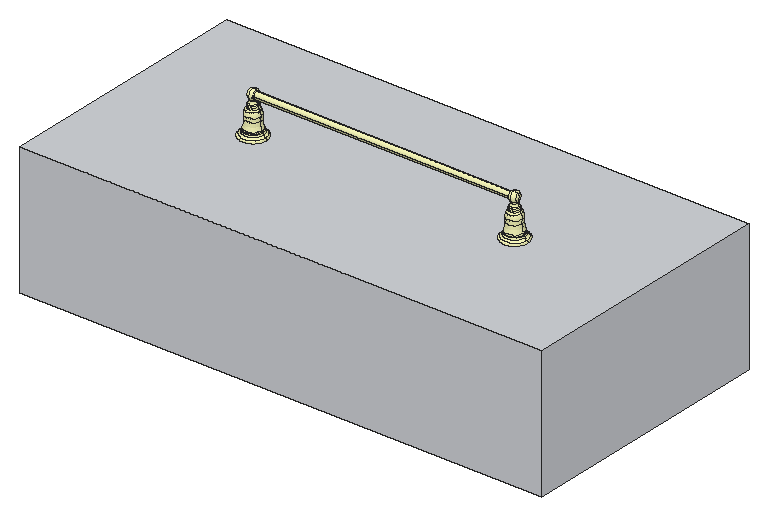
Revit family
Parameters (values of type "Nickel-Vibrant_ Brushed_Nickel-BN")
  Width = 2' - 0"
  URL = "http://www.us.kohler.com"
  Product Page URL = "http://www.us.kohler.com/onlinecatalog/detail.jsp?prod_num=13501"
  Product Documentation Link = "http://www.us.kohler.com/onlinecatalog/pdf/1116341_4.pdf"
  Model = "K-13501"  # constant formula
  Manufacturer = "Kohler"  # constant formula
  Length = 0' - 2.43694"
  Height = 0' - 3 7/8"
  Finish = Nickel-Kohler-BN-Vibrant_Brushed_Nickel
  Description = "Kelston(TM) 24inch towel bar"  # constant formula
  Default Elevation = 0' - 0"
  Created By = "http://medialab3dstudio.com/"
  Assembly Code = "C1030200"
Types (3): name | Finish
  (no name) | Nickel-Kohler-BN-Vibrant_Brushed_Nickel
  Chrome-Polished_Chrome-CP | Chrome-Kohler-CP-Polished_Chrome
  Nickel-Vibrant_ Brushed_Nickel-BN | Nickel-Kohler-BN-Vibrant_Brushed_Nickel
Reference planes (in)
  plane 1 "Center (Front/Back)": y = 0
  plane 2 "Bottom": z = 0
  plane 3 "Center (Left/Right)": x = 0
  plane 4 "Left/center": x = -12
  plane 5 "Right/center": x = 12
  plane 6 "Back": y = 1.21847
  plane 7 "Front": y = -1.21847
  plane 8 "Top": z = 3.875
  plane 9: z = 3.39995
  plane 10: z = 0.1245
  plane 11: z = 0.34815
  plane 12: z = 0.44202
  plane 13: z = 0.51414
  plane 14: z = 0.64088
  plane 15: z = 1.40042
  plane 16: z = 1.77681
  plane 17: z = 2.13881
  plane 18: z = 2.49893
  plane 19: z = 2.57103
  plane 20: z = 2.65446
  plane 21: z = 2.99428
  plane 22: z = 3.09651
  plane 23: z = 3.39995
  plane 24: z = 3.74303
  plane 25: z = 2.35256
  plane 26: z = 3.70205
  plane 27 "left": x = -13.21847
  plane 28 "right": x = 13.21847
  plane 29: z = 0.1245
  plane 30: z = 0.34815
  plane 31: z = 0.44202
  plane 32: z = 0.53205
  plane 33: z = 0.64088
  plane 34: z = 1.40042
  plane 35: z = 2.13881
  plane 36: z = 2.35256
  plane 37: z = 2.57103
  plane 38: z = 2.65446
  plane 39: z = 3.09651
  plane 40: z = 2.9616
  plane 41: z = 1.75492
  plane 42: z = 2.492
  plane 43: y = 0.30282
  plane 44: y = -0.30282
  plane 45: z = 2.65446
  plane 46: z = 2.57103
  plane 47: z = 2.35256
  plane 48: z = 2.13881
  plane 49: z = 1.40042
  plane 50: z = 0.64088
  plane 51: z = 0.44202
  plane 52: z = 0.34815
  plane 53: z = 0.1245
Forms (in)
  Extrusion 1, solid
    sketch origin (0, 0, 0) x (1, 0, 0) y (0, 1, 0)
      loop
        line (-24, 12) -> (-24, -11.71124) -> (23.84302, -11.71124) -> (23.84302, 12) -> (-24, 12)
    from 0 to -12
  Extrusion 2, solid, material "Nickel-Kohler-BN-Vibrant_Brushed_Nickel" <- "Finish"
    sketch origin (0, 0, 0) x (0, 1, 0) y (0, 0, 1)
      loop
        arc (0.30282, 3.39995) -> (0.21412, 3.61407) -> (0, 3.70276) r 0.30282
        arc (0, 3.70276) -> (-0.21412, 3.61407) -> (-0.30282, 3.39995) r 0.30282
        arc (-0.30282, 3.39995) -> (-0.21412, 3.18582) -> (0, 3.09713) r 0.30282
        arc (0, 3.09713) -> (0.21412, 3.18582) -> (0.30282, 3.39995) r 0.30282
    from -12 to 12
Lines and regions (in)
  Masking region 1, detail levels medium+fine
    outline origin (0, 0, 0) x (1, 0, 0) y (0, 0, 1)
      loop
        line (-12, 0) -> (-10.78153, 0)
        arc (-10.78153, 0) -> (-10.816, 0.08423) -> (-10.89762, 0.1245) r 0.12849
        arc (-10.89762, 0.1245) -> (-11.01949, 0.21725) -> (-11.099, 0.34815) r 0.41145
        arc (-11.099, 0.34815) -> (-11.11957, 0.40492) -> (-11.1672, 0.44202) r 0.10897
        arc (-11.1672, 0.44202) -> (-11.19037, 0.47491) -> (-11.19931, 0.51414) r 0.10388
        line (-11.19931, 0.51414) -> (-11.1969, 0.64088)
        arc (-11.1969, 0.64088) -> (-11.2942, 1.01469) -> (-11.31464, 1.40042) r 1.91846
        line (-11.31464, 1.40042) -> (-11.30807, 1.77681)
        arc (-11.30807, 1.77681) -> (-11.32958, 1.96385) -> (-11.39913, 2.13881) r 0.71555
        line (-11.39913, 2.13881) -> (-11.51878, 2.35256)
        arc (-11.51878, 2.35256) -> (-11.53136, 2.42522) -> (-11.52902, 2.49893) r 0.36348
        arc (-11.52902, 2.49893) -> (-11.53442, 2.53916) -> (-11.55956, 2.57103) r 0.0769
        line (-11.55956, 2.57103) -> (-11.64057, 2.65446)
        arc (-11.64057, 2.65446) -> (-11.7213, 2.81585) -> (-11.69439, 2.99428) r 0.29878
        arc (-11.69439, 2.99428) -> (-11.70839, 3.0584) -> (-11.76182, 3.09651) r 0.09118
        line (-11.76182, 3.09651) -> (0, 3.09651) -> (11.76182, 3.09651)
        arc (11.76182, 3.09651) -> (11.70839, 3.0584) -> (11.69439, 2.99428) r 0.09118
        arc (11.69439, 2.99428) -> (11.7213, 2.81585) -> (11.64057, 2.65446) r 0.29878
        line (11.64057, 2.65446) -> (11.55956, 2.57103)
        arc (11.55956, 2.57103) -> (11.53442, 2.53916) -> (11.52902, 2.49893) r 0.0769
        arc (11.52902, 2.49893) -> (11.53136, 2.42522) -> (11.51878, 2.35256) r 0.36348
        line (11.51878, 2.35256) -> (11.39913, 2.13881)
        arc (11.39913, 2.13881) -> (11.32958, 1.96385) -> (11.30807, 1.77681) r 0.71555
        line (11.30807, 1.77681) -> (11.31464, 1.40042)
        arc (11.31464, 1.40042) -> (11.2942, 1.01469) -> (11.1969, 0.64088) r 1.91846
        line (11.1969, 0.64088) -> (11.19931, 0.51414)
        arc (11.19931, 0.51414) -> (11.19037, 0.47491) -> (11.1672, 0.44202) r 0.10388
        arc (11.1672, 0.44202) -> (11.11957, 0.40492) -> (11.099, 0.34815) r 0.10897
        arc (11.099, 0.34815) -> (11.01949, 0.21725) -> (10.89762, 0.1245) r 0.41145
        arc (10.89762, 0.1245) -> (10.816, 0.08423) -> (10.78153, 0) r 0.12849
        line (10.78153, 0) -> (12, 0) -> (13.21847, 0)
        arc (13.21847, 0) -> (13.184, 0.08423) -> (13.10238, 0.1245) r 0.12849
        arc (13.10238, 0.1245) -> (12.98051, 0.21725) -> (12.901, 0.34815) r 0.41145
        arc (12.901, 0.34815) -> (12.88043, 0.40492) -> (12.8328, 0.44202) r 0.10897
        arc (12.8328, 0.44202) -> (12.80963, 0.47491) -> (12.80069, 0.51414) r 0.10388
        line (12.80069, 0.51414) -> (12.8031, 0.64088)
        arc (12.8031, 0.64088) -> (12.7058, 1.01469) -> (12.68536, 1.40042) r 1.91846
        line (12.68536, 1.40042) -> (12.69193, 1.77681)
        arc (12.69193, 1.77681) -> (12.67042, 1.96385) -> (12.60087, 2.13881) r 0.71555
        line (12.60087, 2.13881) -> (12.48122, 2.35256)
        arc (12.48122, 2.35256) -> (12.46864, 2.42522) -> (12.47098, 2.49893) r 0.36348
        arc (12.47098, 2.49893) -> (12.46558, 2.53916) -> (12.44044, 2.57103) r 0.0769
        line (12.44044, 2.57103) -> (12.35943, 2.65446)
        arc (12.35943, 2.65446) -> (12.2787, 2.81585) -> (12.30561, 2.99428) r 0.29878
        arc (12.30561, 2.99428) -> (12.29161, 3.0584) -> (12.23818, 3.09651) r 0.09118
        line (12.23818, 3.09651) -> (12.29655, 3.09651)
        arc (12.29655, 3.09651) -> (12.37056, 3.23978) -> (12.38932, 3.39995) r 0.45013
        arc (12.38932, 3.39995) -> (12.29313, 3.71817) -> (12, 3.875) r 0.43404
        arc (12, 3.875) -> (11.86162, 3.82986) -> (11.74479, 3.74303) r 0.45144
        line (11.74479, 3.74303) -> (11.74479, 3.70205) -> (0, 3.70205) -> (-11.74479, 3.70205) -> (-11.74479, 3.74303)
        arc (-11.74479, 3.74303) -> (-11.86005, 3.83289) -> (-12, 3.875) r 0.39737
        arc (-12, 3.875) -> (-12.28827, 3.71419) -> (-12.38932, 3.39995) r 0.45014
        arc (-12.38932, 3.39995) -> (-12.37056, 3.23978) -> (-12.29655, 3.09651) r 0.45013
        line (-12.29655, 3.09651) -> (-12.23818, 3.09651)
        arc (-12.23818, 3.09651) -> (-12.29161, 3.0584) -> (-12.30561, 2.99428) r 0.09118
        arc (-12.30561, 2.99428) -> (-12.2787, 2.81585) -> (-12.35943, 2.65446) r 0.29878
        line (-12.35943, 2.65446) -> (-12.44044, 2.57103)
        arc (-12.44044, 2.57103) -> (-12.46558, 2.53916) -> (-12.47098, 2.49893) r 0.0769
        arc (-12.47098, 2.49893) -> (-12.46864, 2.42522) -> (-12.48122, 2.35256) r 0.36348
        line (-12.48122, 2.35256) -> (-12.60087, 2.13881)
        arc (-12.60087, 2.13881) -> (-12.67042, 1.96385) -> (-12.69193, 1.77681) r 0.71555
        line (-12.69193, 1.77681) -> (-12.68536, 1.40042)
        arc (-12.68536, 1.40042) -> (-12.7058, 1.01469) -> (-12.8031, 0.64088) r 1.91846
        line (-12.8031, 0.64088) -> (-12.80069, 0.51414)
        arc (-12.80069, 0.51414) -> (-12.80963, 0.47491) -> (-12.8328, 0.44202) r 0.10388
        arc (-12.8328, 0.44202) -> (-12.88043, 0.40492) -> (-12.901, 0.34815) r 0.10897
        arc (-12.901, 0.34815) -> (-12.98051, 0.21725) -> (-13.10238, 0.1245) r 0.41145
        arc (-13.10238, 0.1245) -> (-13.184, 0.08423) -> (-13.21847, 0) r 0.12849
        line (-13.21847, 0) -> (-12, 0)
  Masking region 2, detail levels coarse
    outline origin (0, 0, 0) x (1, 0, 0) y (0, 0, 1)
      loop
        line (-13.21847, 3.875) -> (-13.21847, 0) -> (13.21847, 0) -> (13.21847, 3.875) -> (-13.21847, 3.875)
  Masking region 3, detail levels coarse
    outline origin (0, 0, 0) x (1, 0, 0) y (0, 1, 0)
      loop
        line (-13.21847, 1.21847) -> (-13.21847, -1.21847) -> (13.21847, -1.21847) -> (13.21847, 1.21847) -> (-13.21847, 1.21847)
  Masking region 4, detail levels coarse
    outline origin (0, 0, 0) x (0, 1, 0) y (0, 0, 1)
      loop
        line (1.21847, 3.85963) -> (-1.21847, 3.85963) -> (-1.21847, 0) -> (1.21847, 0) -> (1.21847, 3.85963)
  Masking region 5, detail levels medium+fine
    outline origin (0, 0, 0) x (0, 1, 0) y (0, 0, 1)
      loop
        arc (1.21847, 0) -> (1.18604, 0.08614) -> (1.10238, 0.1245) r 0.12092
        arc (1.10238, 0.1245) -> (0.98535, 0.22161) -> (0.901, 0.34815) r 0.5259
        arc (0.901, 0.34815) -> (0.88093, 0.40528) -> (0.8328, 0.44202) r 0.10572
        arc (0.8328, 0.44202) -> (0.80561, 0.4831) -> (0.80003, 0.53205) r 0.10557
        line (0.80003, 0.53205) -> (0.80003, 0.64088)
        arc (0.80003, 0.64088) -> (0.70881, 1.01553) -> (0.68536, 1.40042) r 2.16923
        line (0.68536, 1.40042) -> (0.68536, 1.75492)
        arc (0.68536, 1.75492) -> (0.66399, 1.95146) -> (0.60087, 2.13881) r 0.91439
        line (0.60087, 2.13881) -> (0.4798, 2.35256)
        arc (0.4798, 2.35256) -> (0.46867, 2.42184) -> (0.47005, 2.492) r 0.39258
        arc (0.47005, 2.492) -> (0.46446, 2.53519) -> (0.43972, 2.57103) r 0.09243
        line (0.43972, 2.57103) -> (0.35914, 2.65446)
        arc (0.35914, 2.65446) -> (0.28246, 2.79867) -> (0.29386, 2.9616) r 0.29627
        arc (0.29386, 2.9616) -> (0.30151, 3.0437) -> (0.23818, 3.09651) r 0.08854
        line (0.23818, 3.09651) -> (0.34531, 3.09651)
        arc (0.34531, 3.09651) -> (0.41881, 3.58945) -> (0, 3.85963) r 0.45969
        arc (0, 3.85963) -> (-0.41881, 3.58945) -> (-0.34531, 3.09651) r 0.45969
        line (-0.34531, 3.09651) -> (-0.23818, 3.09651)
        arc (-0.23818, 3.09651) -> (-0.30151, 3.0437) -> (-0.29386, 2.9616) r 0.08854
        arc (-0.29386, 2.9616) -> (-0.28246, 2.79867) -> (-0.35914, 2.65446) r 0.29627
        line (-0.35914, 2.65446) -> (-0.43972, 2.57103)
        arc (-0.43972, 2.57103) -> (-0.46446, 2.53519) -> (-0.47005, 2.492) r 0.09243
        arc (-0.47005, 2.492) -> (-0.46867, 2.42184) -> (-0.4798, 2.35256) r 0.39258
        line (-0.4798, 2.35256) -> (-0.60087, 2.13881)
        arc (-0.60087, 2.13881) -> (-0.66399, 1.95146) -> (-0.68536, 1.75492) r 0.91439
        line (-0.68536, 1.75492) -> (-0.68536, 1.40042)
        arc (-0.68536, 1.40042) -> (-0.70881, 1.01553) -> (-0.80003, 0.64088) r 2.16923
        line (-0.80003, 0.64088) -> (-0.80003, 0.53205)
        arc (-0.80003, 0.53205) -> (-0.80561, 0.4831) -> (-0.8328, 0.44202) r 0.10557
        arc (-0.8328, 0.44202) -> (-0.88093, 0.40528) -> (-0.901, 0.34815) r 0.10572
        arc (-0.901, 0.34815) -> (-0.98535, 0.22161) -> (-1.10238, 0.1245) r 0.5259
        arc (-1.10238, 0.1245) -> (-1.18604, 0.08614) -> (-1.21847, 0) r 0.12092
        line (-1.21847, 0) -> (1.21847, 0)
  Masking region 6, detail levels medium+fine
    outline origin (0, 0, 0) x (1, 0, 0) y (0, 1, 0)
      loop
        arc (-13.21847, 0) -> (-12.15261, -1.20888) -> (-10.81976, -0.30282) r 1.21847
        line (-10.81976, -0.30282) -> (10.81976, -0.30282)
        arc (10.81976, -0.30282) -> (12.15261, -1.20888) -> (13.21847, 0) r 1.21847
        arc (13.21847, 0) -> (12.15261, 1.20888) -> (10.81976, 0.30282) r 1.21847
        line (10.81976, 0.30282) -> (-10.81976, 0.30282)
        arc (-10.81976, 0.30282) -> (-12.15261, 1.20888) -> (-13.21847, 0) r 1.21847
  symbolic lines, detail levels fine
    curve 1: arc (-13.10238, 0, 0) -> (-12.15289, 1.09172, 0) -> (-10.94003, 0.30282, 0) r 1.10238
    curve 2: arc (-10.94003, -0.30282, 0) -> (-12.15289, -1.09172, 0) -> (-13.10238, 0, 0) r 1.10238
    curve 3: arc (-11.22421, -0.30282, 0) -> (-12.15407, -0.81842, 0) -> (-12.8328, 0, 0) r 0.8328
    curve 4: arc (-12.8328, 0, 0) -> (-12.15407, 0.81842, 0) -> (-11.22421, 0.30282, 0) r 0.8328
    curve 5: arc (-12.68536, 0, 0) -> (-12.15546, 0.6675, 0) -> (-11.38516, 0.30282, 0) r 0.68536
    curve 6: arc (-11.38516, -0.30282, 0) -> (-12.15546, -0.6675, 0) -> (-12.68536, 0, 0) r 0.68536
    curve 7: arc (-11.62783, -0.30282, 0) -> (-12.16069, -0.4521, 0) -> (-12.4798, 0, 0) r 0.4798
    curve 8: arc (-12.4798, 0, 0) -> (-12.16069, 0.4521, 0) -> (-11.62782, 0.30282, 0) r 0.4798
    curve 9: arc (13.10238, 0, 0) -> (12.15289, -1.09172, 0) -> (10.94003, -0.30282, 0) r 1.10238
    curve 10: arc (10.94003, 0.30282, 0) -> (12.15289, 1.09172, 0) -> (13.10238, 0, 0) r 1.10238
    curve 11: arc (11.22421, 0.30282, 0) -> (12.15407, 0.81842, 0) -> (12.8328, 0, 0) r 0.8328
    curve 12: arc (12.8328, 0, 0) -> (12.15407, -0.81842, 0) -> (11.22421, -0.30282, 0) r 0.8328
    curve 13: arc (12.68536, 0, 0) -> (12.15546, -0.6675, 0) -> (11.38516, -0.30282, 0) r 0.68536
    curve 14: arc (11.38516, 0.30282, 0) -> (12.15546, 0.6675, 0) -> (12.68536, 0, 0) r 0.68536
    curve 15: arc (11.62782, 0.30282, 0) -> (12.16069, 0.4521, 0) -> (12.4798, 0, 0) r 0.4798
    curve 16: arc (12.4798, 0, 0) -> (12.16069, -0.4521, 0) -> (11.62783, -0.30282, 0) r 0.4798
    curve 17: line (0, 0.23818, 3.09651) -> (0, -0.23818, 3.09651)
    curve 18: line (-11.73642, 0, 3.09651) -> (-11.73642, 0, 3.74303)
    curve 19: line (-12.2966, 0, 3.09651) -> (-11.73642, 0, 3.09651)
    curve 20: line (11.73642, 0, 3.09651) -> (11.73642, 0, 3.74303)
    curve 21: line (12.2966, 0, 3.09651) -> (11.73642, 0, 3.09651)
    curve 22: line (-10.81976, 0.30282, 0) -> (-11.80636, 0.30282, 0)
    curve 23: line (-10.81976, -0.30282, 0) -> (-11.80637, -0.30282, 0)
    curve 24: arc (-12.35943, 0, 0) -> (-12, 0.35943, 0) -> (-11.64057, 0, 0) r 0.35943
    curve 25: arc (-11.64057, 0, 0) -> (-12, -0.35943, 0) -> (-12.35943, 0, 0) r 0.35943
    curve 26: line (10.81976, 0.30282, 0) -> (11.80636, 0.30282, 0)
    curve 27: line (10.94003, -0.30282, 0) -> (11.80637, -0.30282, 0)
    curve 28: arc (11.64057, 0, 0) -> (12, 0.35943, 0) -> (12.35943, 0, 0) r 0.35943
    curve 29: arc (12.35943, 0, 0) -> (12, -0.35943, 0) -> (11.64057, 0, 0) r 0.35943
    curve 30: line (-12.35943, 0, 2.65446) -> (-11.64057, 0, 2.65446)
    curve 31: line (-12.44044, 0, 2.57103) -> (-11.55956, 0, 2.57103)
    curve 32: line (-12.4798, 0, 2.35256) -> (-11.5202, 0, 2.35256)
    curve 33: line (-12.60087, 0, 2.13881) -> (-11.39913, 0, 2.13881)
    curve 34: line (-12.68536, 0, 1.40042) -> (-11.31464, 0, 1.40042)
    curve 35: line (-12.8031, 0, 0.64088) -> (-11.1969, 0, 0.64088)
    curve 36: line (-12.8328, 0, 0.44202) -> (-11.1672, 0, 0.44202)
    curve 37: line (-12.901, 0, 0.34815) -> (-11.099, 0, 0.34815)
    curve 38: line (-13.10238, 0, 0.1245) -> (-10.89762, 0, 0.1245)
    curve 39: line (0, 1.10238, 0.1245) -> (0, -1.10238, 0.1245)
    curve 40: line (0, 0.901, 0.34815) -> (0, -0.901, 0.34815)
    curve 41: line (0, 0.8328, 0.44202) -> (0, -0.8328, 0.44202)
    curve 42: line (0, 0.8031, 0.64088) -> (0, -0.8031, 0.64088)
    curve 43: line (0, 0.68536, 1.40042) -> (0, -0.68536, 1.40042)
    curve 44: line (0, 0.60087, 2.13881) -> (0, -0.60087, 2.13881)
    curve 45: line (0, 0.4798, 2.35256) -> (0, -0.4798, 2.35256)
    curve 46: line (0, 0.43972, 2.57103) -> (0, -0.43972, 2.57103)
    curve 47: line (0, 0.35914, 2.65446) -> (0, -0.35914, 2.65446)
    curve 48: line (13.10238, 0, 0.1245) -> (10.89762, 0, 0.1245)
    curve 49: line (12.901, 0, 0.34815) -> (11.099, 0, 0.34815)
    curve 50: line (12.8328, 0, 0.44202) -> (11.1672, 0, 0.44202)
    curve 51: line (12.8031, 0, 0.64088) -> (11.1969, 0, 0.64088)
    curve 52: line (12.68536, 0, 1.40042) -> (11.31464, 0, 1.40042)
    curve 53: line (12.60087, 0, 2.13881) -> (11.39913, 0, 2.13881)
    curve 54: line (12.4798, 0, 2.35256) -> (11.5202, 0, 2.35256)
    curve 55: line (12.44044, 0, 2.57103) -> (11.55956, 0, 2.57103)
    curve 56: line (12.35943, 0, 2.65446) -> (11.64057, 0, 2.65446)
Dimensions and locks (in)
  equal spacing: plane 4 "Left/center", plane 3 "Center (Left/Right)", plane 5 "Right/center"
  "Width": plane 4 "Left/center" to plane 5 "Right/center"
  equal spacing: plane 6 "Back", plane 1 "Center (Front/Back)", plane 7 "Front"
  "Length": plane 6 "Back" to plane 7 "Front"
  "Height": plane 8 "Top" to plane 2 "Bottom"
  locked: plane 4 "Left/center" to plane 27 "left" at 1.21847
  locked: plane 28 "right" to plane 5 "Right/center" at 1.21847
  plane 44 to plane 1 "Center (Front/Back)" to plane 43 = 0' - 0.30282" locked, 0' - 0.30282" locked
  aligned and locked: plane 2 "Bottom" to Extrusion 1
  aligned and locked: level to Extrusion 1
  aligned and locked: plane 5 "Right/center" to nested 1
  aligned and locked: plane 1 "Center (Front/Back)" to nested 1
  aligned and locked: plane 4 "Left/center" to nested 2
  aligned and locked: nested 2 to plane 1 "Center (Front/Back)"
  aligned: plane 8 "Top" to nested 2
  aligned: nested 1 to plane 8 "Top"
  aligned and locked: nested 2 to plane 2 "Bottom"
  aligned and locked: plane 2 "Bottom" to nested 1
  aligned and locked: nested 1 to plane 9
  aligned and locked: plane 1 "Center (Front/Back)" to Extrusion 2 sketch curve
  aligned and locked: nested 1 to Extrusion 2 sketch curve  (x3)
  aligned and locked: plane 5 "Right/center" to Extrusion 2
  aligned and locked: Extrusion 2 to plane 4 "Left/center"
  aligned and locked: plane 6 "Back" to nested 2
  aligned and locked: plane 7 "Front" to nested 2
  aligned and locked: nested 1 to plane 7 "Front"
  aligned and locked: nested 1 to plane 6 "Back"
  aligned and locked: Masking region 1 sketch curve to nested 1
  aligned and locked: plane 10 to Masking region 1 sketch curve
  aligned and locked: plane 11 to Masking region 1 sketch curve
  aligned and locked: plane 12 to Masking region 1 sketch curve
  aligned and locked: plane 13 to Masking region 1 sketch curve
  aligned and locked: plane 14 to Masking region 1 sketch curve
  aligned and locked: plane 15 to Masking region 1 sketch curve
  aligned and locked: plane 16 to Masking region 1 sketch curve  (x2)
  aligned and locked: plane 17 to Masking region 1 sketch curve  (x2)
  aligned and locked: plane 25 to Masking region 1 sketch curve  (x2)
  aligned and locked: plane 18 to Masking region 1 sketch curve  (x2)
  aligned and locked: plane 19 to Masking region 1 sketch curve  (x2)
  aligned and locked: plane 20 to Masking region 1 sketch curve  (x2)
  aligned and locked: plane 21 to Masking region 1 sketch curve  (x2)
  aligned and locked: nested 2 to Masking region 1 sketch curve  (x4)
  aligned and locked: plane 8 "Top" to Masking region 1 sketch curve
  aligned and locked: plane 24 to Masking region 1 sketch curve
  aligned and locked: Masking region 1 sketch curve to plane 26
  aligned and locked: plane 28 "right" to nested 1
  aligned and locked: nested 2 to plane 27 "left"
  aligned and locked: Masking region 2 sketch curve to plane 8 "Top"
  aligned and locked: Masking region 2 sketch curve to plane 28 "right"
  aligned and locked: plane 2 "Bottom" to Masking region 2 sketch curve
  aligned and locked: plane 27 "left" to Masking region 2 sketch curve
  aligned and locked: Masking region 3 sketch curve to plane 6 "Back"
  aligned and locked: Masking region 3 sketch curve to plane 28 "right"
  aligned and locked: plane 7 "Front" to Masking region 3 sketch curve
  aligned and locked: plane 27 "left" to Masking region 3 sketch curve
  aligned and locked: curve 1 to nested 2
  aligned and locked: curve 2 to nested 2
  aligned and locked: curve 3 to nested 2
  aligned and locked: curve 4 to nested 2
  aligned and locked: curve 5 to nested 2
  aligned and locked: curve 6 to nested 2
  aligned and locked: curve 7 to nested 2
  aligned and locked: curve 8 to nested 2
  aligned and locked: curve 9 to nested 1
  aligned and locked: curve 10 to nested 1
  aligned and locked: curve 11 to nested 1
  aligned and locked: curve 12 to nested 1
  aligned and locked: curve 13 to nested 1
  aligned and locked: curve 14 to nested 1
  aligned and locked: curve 15 to nested 1
  aligned and locked: curve 16 to nested 1
  aligned and locked: Masking region 4 sketch curve to nested 2
  aligned and locked: nested 2 to Masking region 4 sketch curve
  aligned and locked: Masking region 4 sketch curve to plane 6 "Back"
  aligned and locked: plane 2 "Bottom" to Masking region 4 sketch curve
  aligned and locked: plane 29 to nested 1
  aligned and locked: plane 30 to nested 1
  aligned and locked: plane 31 to nested 1
  aligned and locked: plane 33 to nested 1
  aligned and locked: plane 34 to nested 1
  aligned and locked: plane 35 to nested 1
  aligned and locked: plane 36 to nested 1
  aligned and locked: plane 37 to nested 1
  aligned and locked: plane 38 to nested 1
  aligned and locked: plane 39 to nested 1
  aligned and locked: Masking region 5 sketch curve to nested 2  (x3)
  aligned and locked: Masking region 5 sketch curve to nested 1
  aligned and locked: plane 29 to Masking region 5 sketch curve  (x2)
  aligned and locked: plane 30 to Masking region 5 sketch curve  (x2)
  aligned and locked: plane 31 to Masking region 5 sketch curve  (x2)
  aligned and locked: plane 32 to Masking region 5 sketch curve  (x2)
  aligned and locked: plane 33 to Masking region 5 sketch curve  (x2)
  aligned and locked: plane 34 to Masking region 5 sketch curve  (x2)
  aligned and locked: plane 41 to Masking region 5 sketch curve  (x2)
  aligned and locked: plane 35 to Masking region 5 sketch curve  (x2)
  aligned and locked: plane 36 to Masking region 5 sketch curve  (x2)
  aligned and locked: plane 37 to Masking region 5 sketch curve  (x2)
  aligned and locked: plane 42 to Masking region 5 sketch curve  (x2)
  aligned and locked: plane 38 to Masking region 5 sketch curve  (x2)
  aligned and locked: plane 40 to Masking region 5 sketch curve  (x2)
  aligned and locked: nested 2 to Masking region 5 sketch curve
  aligned and locked: Masking region 5 sketch curve to plane 39
  aligned and locked: nested 2 to curve 17
  aligned and locked: curve 18 to nested 2
  aligned and locked: curve 19 to nested 2
  aligned and locked: curve 20 to nested 1
  aligned and locked: curve 21 to nested 1
  aligned and locked: Masking region 6 sketch curve to nested 2  (x2)
  aligned and locked: Masking region 6 sketch curve to nested 1  (x2)
  aligned and locked: plane 43 to Masking region 6 sketch curve
  aligned and locked: plane 44 to Masking region 6 sketch curve
  aligned and locked: Masking region 6 to curve 22
  aligned and locked: curve 24 to nested 2
  aligned and locked: curve 25 to nested 2
  aligned and locked: curve 28 to nested 1
  aligned and locked: curve 29 to nested 1
  aligned and locked: Masking region 6 to curve 26
  aligned and locked: nested 2 to plane 45
  aligned and locked: nested 2 to plane 46
  aligned and locked: nested 2 to plane 47
  aligned and locked: nested 2 to plane 48
  aligned and locked: nested 2 to plane 49
  aligned and locked: nested 2 to plane 50
  aligned and locked: nested 2 to plane 51
  aligned and locked: nested 2 to plane 52
  aligned and locked: nested 2 to plane 53
  aligned and locked: plane 45 to curve 30
  aligned and locked: plane 46 to curve 31
  aligned and locked: plane 47 to curve 32
  aligned and locked: plane 48 to curve 33
  aligned and locked: plane 49 to curve 34
  aligned and locked: plane 50 to curve 35
  aligned and locked: plane 51 to curve 36
  aligned and locked: plane 52 to curve 37
  aligned and locked: plane 53 to curve 38
  aligned and locked: curve 49 to nested 1
  aligned and locked: curve 50 to nested 1
  aligned and locked: curve 51 to nested 1
  aligned and locked: curve 52 to nested 1
  aligned and locked: curve 53 to nested 1
  aligned and locked: curve 54 to nested 1
  aligned and locked: curve 55 to nested 1
  aligned and locked: curve 56 to nested 1
  aligned and locked: curve 23 to Masking region 6
  aligned and locked: Masking region 6 to curve 27
Automatic sketch dimensions
  Extrusion 1 sketch curve to Extrusion 1 sketch curve = 3' - 11.84302"
  Extrusion 1 sketch curve to Extrusion 1 sketch curve = 1' - 11.71124"
  Extrusion 2 sketch curve to Extrusion 2 sketch curve = 0' - 0.30282"
  Masking region 1 sketch curve to level = 0' - 0"  (x2)
  Masking region 1 sketch curve to plane 18 = 0' - 0"  (x6)
  Masking region 1 sketch curve to plane 4 "Left/center" = 0' - 0"
  Masking region 1 sketch curve to plane 15 = 0' - 0"  (x3)
  Masking region 1 sketch curve to plane 13 = 0' - 0"  (x3)
  Masking region 1 sketch curve to plane 14 = 0' - 0"  (x3)
  Masking region 1 sketch curve to plane 12 = 0' - 0"  (x3)
  Masking region 1 sketch curve to plane 11 = 0' - 0"  (x3)
  Masking region 1 sketch curve to plane 10 = 0' - 0"  (x3)
  Masking region 1 sketch curve to plane 3 "Center (Left/Right)" = 0' - 0"  (x2)
  Masking region 1 sketch curve to plane 16 = 0' - 0"  (x2)
  Masking region 1 sketch curve to plane 17 = 0' - 0"  (x2)
  Masking region 1 sketch curve to plane 25 = 0' - 0"  (x2)
  Masking region 1 sketch curve to plane 19 = 0' - 0"  (x2)
  Masking region 1 sketch curve to plane 20 = 0' - 0"  (x2)
  Masking region 1 sketch curve to plane 21 = 0' - 0"  (x2)
  Masking region 1 sketch curve to plane 24 = 0' - 0"
  Masking region 1 sketch curve to plane 5 "Right/center" = 0' - 0"  (x2)
  Masking region 1 sketch curve to plane 22 = 0' - 0"
  Masking region 1 sketch curve to plane 23 = 0' - 0"
  Masking region 1 sketch curve to plane 8 "Top" = 0' - 0"
  Masking region 1 sketch curve to plane 4 "Left/center" = 0' - 0.02351"
  Masking region 1 sketch curve to plane 4 "Left/center" = 0' - 0.04258"
  plane 21 to Masking region 1 sketch curve = 0' - 0.01391"  (x4)
  Masking region 1 sketch curve to plane 4 "Left/center" = 0' - 0.2155"
  Masking region 1 sketch curve to Masking region 1 sketch curve = 0' - 0.02268"  (x3)
  Masking region 1 sketch curve to Masking region 1 sketch curve = 0' - 0.05837"  (x2)
  Masking region 1 sketch curve to Masking region 1 sketch curve = 0' - 0.05382"  (x3)
  Masking region 1 sketch curve to Masking region 1 sketch curve = 0' - 0.09277"  (x2)
  Masking region 1 sketch curve to Masking region 1 sketch curve = 0' - 0.03533"  (x3)
  Masking region 1 sketch curve to Masking region 1 sketch curve = 0' - 0.04568"  (x3)
  Masking region 1 sketch curve to Masking region 1 sketch curve = 0' - 0.07622"  (x3)
  Masking region 1 sketch curve to Masking region 1 sketch curve = 0' - 0.01023"  (x3)
  Masking region 1 sketch curve to plane 21 = 0' - 0.13169"  (x3)
  Masking region 1 sketch curve to Masking region 1 sketch curve = 0' - 0.11965"  (x4)
  Masking region 1 sketch curve to plane 4 "Left/center" = 0' - 0.68536"
  Masking region 1 sketch curve to Masking region 1 sketch curve = 0' - 0.09106"  (x4)
  Masking region 1 sketch curve to plane 11 = 0' - 0.00728"  (x4)
  Masking region 1 sketch curve to plane 4 "Left/center" = 0' - 0.79227"
  Masking region 1 sketch curve to Masking region 1 sketch curve = 0' - 0.00842"  (x3)
  Masking region 1 sketch curve to Masking region 1 sketch curve = 0' - 0.00241"  (x4)
  Masking region 1 sketch curve to Masking region 1 sketch curve = 0' - 0.03211"  (x3)
  plane 13 to Masking region 1 sketch curve = 0' - 0.00302"  (x4)
  Masking region 1 sketch curve to level = 0' - 0.0034"  (x4)
  Masking region 1 sketch curve to Masking region 1 sketch curve = 0' - 0.18902"  (x3)
  Masking region 1 sketch curve to Masking region 1 sketch curve = 0' - 0.01236"  (x3)
  Masking region 1 sketch curve to plane 13 = 0' - 0.02158"  (x4)
  Masking region 1 sketch curve to plane 15 = 0' - 0.09185"  (x4)
  plane 16 to Masking region 1 sketch curve = 0' - 0.01249"  (x2)
  plane 23 to Masking region 1 sketch curve = 0' - 0.02892"  (x2)
  Masking region 1 sketch curve to plane 23 = 0' - 0.02856"
  plane 4 "Left/center" to Masking region 1 sketch curve = 0' - 0.2155"
  plane 4 "Left/center" to Masking region 1 sketch curve = 0' - 0.25521"
  plane 4 "Left/center" to Masking region 1 sketch curve = 0' - 0.68536"
  plane 4 "Left/center" to Masking region 1 sketch curve = 0' - 0.79227"
  Masking region 1 sketch curve to plane 5 "Right/center" = 0' - 2.60162"
  Masking region 1 sketch curve to plane 5 "Right/center" = 0' - 1.28627"
  Masking region 1 sketch curve to Masking region 1 sketch curve = 0' - 0.0678"
  Masking region 1 sketch curve to Masking region 1 sketch curve = 0' - 0.11609"
  Masking region 1 sketch curve to Masking region 1 sketch curve = 0' - 0.00352"
  Masking region 1 sketch curve to Masking region 1 sketch curve = 0' - 0.07173"
  Masking region 1 sketch curve to plane 18 = 0' - 0.04835"
  Masking region 1 sketch curve to plane 5 "Right/center" = 0' - 0.83124"
  Masking region 1 sketch curve to Masking region 1 sketch curve = 0' - 0.00657"
  Masking region 1 sketch curve to Masking region 1 sketch curve = 0' - 0.25744"
  Masking region 1 sketch curve to Masking region 1 sketch curve = 0' - 0.03054"
  Masking region 1 sketch curve to Masking region 1 sketch curve = 0' - 0.08101"
  Masking region 1 sketch curve to Masking region 1 sketch curve = 0' - 0.26819"
  Masking region 1 sketch curve to plane 5 "Right/center" = 0' - 0.25521"
  Masking region 1 sketch curve to Masking region 1 sketch curve = 0' - 0.06743"
  Masking region 1 sketch curve to plane 5 "Right/center" = 0' - 0.0599"
  Masking region 1 sketch curve to plane 5 "Right/center" = 0' - 0.04258"
  Masking region 1 sketch curve to plane 5 "Right/center" = 0' - 0.02351"
  plane 5 "Right/center" to Masking region 1 sketch curve = 0' - 0.2155"
  plane 5 "Right/center" to Masking region 1 sketch curve = 0' - 0.68536"
  plane 5 "Right/center" to Masking region 1 sketch curve = 0' - 0.79227"
  Masking region 5 sketch curve to plane 7 "Front" = 0' - 0"
  plane 42 to Masking region 5 sketch curve = 0' - 0"  (x2)
  Masking region 5 sketch curve to plane 6 "Back" = 0' - 0"
  Masking region 5 sketch curve to plane 7 "Front" = 0' - 0.1577"
  plane 34 to Masking region 5 sketch curve = 0' - 0.06106"  (x2)
  Masking region 5 sketch curve to plane 7 "Front" = 0' - 1.63527"
  plane 7 "Front" to Masking region 5 sketch curve = 0' - 0.11609"
  level to Masking region 5 sketch curve = 0' - 0.00367"  (x2)
  plane 32 to Masking region 5 sketch curve = 0' - 0.01284"  (x2)
  plane 7 "Front" to Masking region 5 sketch curve = 0' - 0.31366"
  Masking region 5 sketch curve to Masking region 5 sketch curve = 0' - 0.00382"
  plane 42 to Masking region 5 sketch curve = 0' - 0.04277"
  plane 7 "Front" to Masking region 5 sketch curve = 0' - 0.35817"
  Masking region 5 sketch curve to Masking region 5 sketch curve = 0' - 0.07202"
  plane 30 to Masking region 5 sketch curve = 0' - 0.00501"  (x2)
  Masking region 5 sketch curve to Masking region 5 sketch curve = 0' - 0.08449"
  Masking region 5 sketch curve to Masking region 5 sketch curve = 0' - 0.22695"
  Masking region 5 sketch curve to Masking region 5 sketch curve = 0' - 0.12107"  (x2)
  Masking region 5 sketch curve to Masking region 5 sketch curve = 0' - 0.03034"  (x2)
  Masking region 5 sketch curve to Masking region 5 sketch curve = 0' - 0.08057"
  Masking region 5 sketch curve to Masking region 5 sketch curve = 0' - 0.05145"
  Masking region 5 sketch curve to Masking region 5 sketch curve = 0' - 0.10713"
  plane 1 "Center (Front/Back)" to Masking region 5 sketch curve = 0' - 0.22903"
  Masking region 5 sketch curve to plane 40 = 0' - 0.04832"
  Masking region 5 sketch curve to Masking region 5 sketch curve = 0' - 0.12564"
  Masking region 5 sketch curve to Masking region 5 sketch curve = 0' - 0.01851"
  Masking region 5 sketch curve to Masking region 5 sketch curve = 0' - 0.07419"
  Masking region 5 sketch curve to Masking region 5 sketch curve = 0' - 0.06528"
  Masking region 5 sketch curve to Masking region 5 sketch curve = 0' - 0.01903"
  Masking region 5 sketch curve to Masking region 5 sketch curve = 0' - 0.06154"
  Masking region 5 sketch curve to Masking region 5 sketch curve = 0' - 0.00975"
  plane 40 to Masking region 5 sketch curve = 0' - 0.10133"
  Masking region 5 sketch curve to plane 6 "Back" = 0' - 0.42308"
  Masking region 5 sketch curve to Masking region 5 sketch curve = 0' - 0.00463"
  Masking region 5 sketch curve to Masking region 5 sketch curve = 0' - 0.03277"
  Masking region 5 sketch curve to Masking region 5 sketch curve = 0' - 0.12086"
  Masking region 5 sketch curve to plane 32 = 0' - 0.04146"
  curve 18 to plane 8 "Top" = 0' - 0.13197"
  curve 19 to plane 4 "Left/center" = 0' - 0.2966"
  curve 20 to plane 8 "Top" = 0' - 0.13197"
  plane 5 "Right/center" to curve 21 = 0' - 0.2966"
  curve 30 to plane 4 "Left/center" = 0' - 0.35943"
  plane 4 "Left/center" to curve 30 = 0' - 0.35943"
  curve 31 to curve 30 = 0' - 0.08101"
  curve 30 to curve 31 = 0' - 0.08101"
  curve 32 to curve 31 = 0' - 0.03936"
  curve 31 to curve 32 = 0' - 0.03936"
  curve 33 to curve 32 = 0' - 0.12107"
  curve 32 to curve 33 = 0' - 0.12107"
  plane 27 "left" to curve 34 = 0' - 0.53311"
  plane 4 "Left/center" to curve 34 = 0' - 0.68536"
  plane 27 "left" to curve 35 = 0' - 0.41537"
  curve 34 to curve 35 = 0' - 0.11774"
  curve 36 to curve 35 = 0' - 0.0297"
  curve 35 to curve 36 = 0' - 0.0297"
  curve 37 to curve 36 = 0' - 0.0682"
  curve 36 to curve 37 = 0' - 0.0682"
  plane 27 "left" to curve 38 = 0' - 0.11609"
  curve 37 to curve 38 = 0' - 0.20138"
  curve 39 to plane 53 = 0' - 0"
  curve 40 to plane 52 = 0' - 0"
  curve 41 to plane 51 = 0' - 0"
  curve 42 to plane 50 = 0' - 0"
  curve 43 to plane 49 = 0' - 0"
  curve 44 to plane 48 = 0' - 0"
  curve 45 to plane 47 = 0' - 0"
  curve 46 to plane 46 = 0' - 0"
  curve 47 to plane 45 = 0' - 0"
  plane 7 "Front" to curve 39 = 0' - 0.11609"
  curve 39 to curve 40 = 0' - 0.20138"
  curve 40 to curve 41 = 0' - 0.0682"
  curve 41 to curve 42 = 0' - 0.0297"
  plane 7 "Front" to curve 43 = 0' - 0.53311"
  plane 1 "Center (Front/Back)" to curve 44 = 0' - 0.60087"
  curve 44 to curve 45 = 0' - 0.12107"
  curve 45 to curve 46 = 0' - 0.04009"
  curve 46 to curve 47 = 0' - 0.08057"
  plane 1 "Center (Front/Back)" to curve 17 = 0' - 0.23818"
  curve 17 to plane 1 "Center (Front/Back)" = 0' - 0.23818"
  curve 47 to plane 1 "Center (Front/Back)" = 0' - 0.35914"
  curve 47 to curve 46 = 0' - 0.08057"
  curve 46 to curve 45 = 0' - 0.04009"
  curve 45 to curve 44 = 0' - 0.12107"
  curve 43 to plane 6 "Back" = 0' - 0.53311"
  curve 42 to plane 6 "Back" = 0' - 0.41537"
  curve 42 to curve 41 = 0' - 0.0297"
  curve 41 to curve 40 = 0' - 0.0682"
  curve 39 to plane 6 "Back" = 0' - 0.11609"
  curve 48 to plane 5 "Right/center" = 0' - 1.10238"
  curve 48 to plane 28 "right" = 0' - 0.11609"
  curve 48 to plane 53 = 0' - 0"
  curve 48 to curve 49 = 0' - 0.20138"
  curve 49 to curve 48 = 0' - 0.20138"
  curve 49 to curve 50 = 0' - 0.0682"
  curve 50 to curve 49 = 0' - 0.0682"
  curve 50 to curve 51 = 0' - 0.0297"
  curve 51 to curve 50 = 0' - 0.0297"
  curve 52 to plane 5 "Right/center" = 0' - 0.68536"
  curve 52 to plane 28 "right" = 0' - 0.53311"
  curve 53 to plane 5 "Right/center" = 0' - 0.60087"
  plane 5 "Right/center" to curve 53 = 0' - 0.60087"
  curve 53 to curve 54 = 0' - 0.12107"
  curve 54 to curve 53 = 0' - 0.12107"
  curve 54 to curve 55 = 0' - 0.03936"
  curve 55 to curve 54 = 0' - 0.03936"
  curve 55 to curve 56 = 0' - 0.08101"
  curve 56 to curve 55 = 0' - 0.08101"
  curve 2 to curve 23 = 0' - 0.12027"
  curve 1 to curve 22 = 0' - 0.12027"
  curve 26 to curve 10 = 0' - 0.12027"
Nested families (in)
  nested 1: "Furniture-Wall_Mount-Assembly-Kohler-13500" at (12, 0, 0), type "Furniture-Wall_Mount-Assembly-Kohler-13500"
  nested 2: "Furniture-Wall_Mount-Assembly-Kohler-13500" at (-12, 0, 0) x (-1, 0, 0) z (0, 0, 1), type "Furniture-Wall_Mount-Assembly-Kohler-13500"
Definition of nested family "Furniture-Wall_Mount-Assembly-Kohler-13500"
  Parameters (values of type "Furniture-Wall_Mount-Assembly-Kohler-13500")
    Width = 0' - 2.43694"
    Length = 0' - 2.43694"
    Height = 0' - 3.85963"
    Finish = none
    Default Elevation = 4' - 0"
    Assembly Code = ""
  Reference planes (in)
    plane 1 "Center (Front/Back)": y = 0
    plane 2 "Bottom": z = 0
    plane 3 "Center (Left/Right)": x = 0
    plane 4 "Left": x = -1.21847
    plane 5: z = 2.84819
    plane 6: z = 4.0788
    plane 7: z = 3.09651
    plane 8: x = -0.45065
    plane 9: x = 0.41041
    plane 10: x = -0.26358
    plane 11: z = 3.39995
    plane 12 "Right": x = 1.21847
    plane 13 "Top": z = 3.85963
    plane 14: y = 1.21847
    plane 15: y = -1.21847
  Forms (in)
    Extrusion 1, solid
      sketch origin (0, 0, 0) x (1, 0, 0) y (0, 1, 0)
        loop
          line (-48, 48) -> (-48, -48) -> (48, -48) -> (48, 48) -> (-48, 48)
      from 0 to -12
    Sweep 2, solid, material <- "Finish"
      path origin (0, 0, 0) x (1, 0, 0) y (0, 1, 0)
        loop
          circle (0, 0) r 1.20313
      profile origin (0, 1.20312, 0) x (0, -1, 0) y (0, 0, 1)
        loop
          line (1.18965, 0) -> (1.18965, 3.09651) -> (0.96495, 3.09651)
          arc (0.96495, 3.09651) -> (0.9069, 3.05011) -> (0.90301, 2.97591) r 0.09071
          arc (0.90301, 2.97591) -> (0.91887, 2.80679) -> (0.84369, 2.65446) r 0.31166
          line (0.84369, 2.65446) -> (0.76269, 2.57103)
          arc (0.76269, 2.57103) -> (0.73882, 2.53703) -> (0.73334, 2.49585) r 0.08744
          arc (0.73334, 2.49585) -> (0.7347, 2.42376) -> (0.72332, 2.35256) r 0.40715
          line (0.72332, 2.35256) -> (0.60225, 2.13881)
          arc (0.60225, 2.13881) -> (0.53439, 1.94982) -> (0.51313, 1.75014) r 0.84336
          line (0.51313, 1.75014) -> (0.51776, 1.40042)
          arc (0.51776, 1.40042) -> (0.49592, 1.01491) -> (0.40002, 0.64088) r 1.98943
          line (0.40002, 0.64088) -> (0.40222, 0.51707)
          arc (0.40222, 0.51707) -> (0.39427, 0.47615) -> (0.37033, 0.44202) r 0.10007
          arc (0.37033, 0.44202) -> (0.32412, 0.40388) -> (0.30213, 0.34815) r 0.11991
          arc (0.30213, 0.34815) -> (0.22136, 0.21839) -> (0.10075, 0.1245) r 0.4358
          arc (0.10075, 0.1245) -> (0.01893, 0.08442) -> (-0.01535, 0) r 0.12769
          line (-0.01535, 0) -> (1.18965, 0)
    Revolve 3, solid, material <- "Finish"
      sketch origin (-2.01186, 0, -7.90366) x (0, 0, 1) y (1, 0, 0)
        loop
          line (11.3036, 2.4001) -> (11.3036, 1.62363)
          arc (11.3036, 1.62363) -> (11.45136, 1.6418) -> (11.5875, 1.70204) r 0.50782
          arc (11.5875, 1.70204) -> (11.71421, 1.83493) -> (11.76329, 2.01186) r 0.37774
          arc (11.76329, 2.01186) -> (11.71421, 2.1888) -> (11.5875, 2.32169) r 0.37774
          arc (11.5875, 2.32169) -> (11.45136, 2.38193) -> (11.3036, 2.4001) r 0.50782
        axis (11.3036, 2.4001) -> (11.3036, 1.62363)
      angle from 0 to 360
    Extrusion 4, void
      sketch origin (-3.09651, 0, -5.60005) x (0, 0, 1) y (-1, 0, 0)
        loop
          line (8.44825, -3.50691) -> (8.69656, -3.50691) -> (8.69656, -2.83293) -> (9.67885, -2.83293) -> (9.67885, -2.64586) -> (8.44825, -2.64586) -> (8.44825, -3.50691)
      from -1.21847 to 1.21847
  Cuts and joins
    Extrusion 4 cuts Revolve 3
    joined: Sweep 2, Revolve 3
  Dimensions and locks (in)
    locked: plane 11 to plane 2 "Bottom" at 3.39995
    plane 9 to plane 3 "Center (Left/Right)" to plane 10 to plane 8 = 0' - 0.41041" locked, 0' - 0.26358" locked, 0' - 0.18707" locked
    plane 6 to plane 13 "Top" to plane 7 to plane 5 = 0' - 0.21916" locked, 0' - 0.76312" locked, 0' - 0.24831" locked
    equal spacing: plane 4 "Left", plane 3 "Center (Left/Right)", plane 12 "Right"
    "Width": plane 4 "Left" to plane 12 "Right"
    "Height": plane 13 "Top" to plane 2 "Bottom"
    equal spacing: plane 15, plane 1 "Center (Front/Back)", plane 14
    "Length": plane 15 to plane 14
    aligned and locked: plane 2 "Bottom" to Extrusion 1
    aligned and locked: level to Extrusion 1
    aligned and locked: plane 1 "Center (Front/Back)" to Sweep 2
    aligned and locked: Revolve 3 sketch curve to Revolve 3 sketch curve
    aligned and locked: Extrusion 4 sketch curve to plane 5
    aligned and locked: Extrusion 4 sketch curve to plane 7
    aligned and locked: plane 6 to Extrusion 4 sketch curve
    aligned and locked: Extrusion 4 sketch curve to plane 8
    aligned and locked: Extrusion 4 sketch curve to plane 9
    aligned and locked: plane 10 to Extrusion 4 sketch curve
    aligned and locked: plane 11 to Revolve 3 sketch curve
    aligned and locked: Extrusion 4 to plane 14
    aligned and locked: plane 15 to Extrusion 4
  Automatic sketch dimensions
    Extrusion 1 sketch curve to Extrusion 1 sketch curve = 8' - 0"  (x2)
    plane 1 "Center (Front/Back)" to Sweep 2 sketch curve = 0' - 0"
    Sweep 2 sketch curve to plane 3 "Center (Left/Right)" = 0' - 0"
    Sweep 2 sketch curve to level = 0' - 0"
    profile plane to Sweep 2 sketch curve = 0' - 1.47003"
    profile plane to Sweep 2 sketch curve = 0' - 0.10251"
    profile plane to Sweep 2 sketch curve = 0' - 0.01535"
    Sweep 2 sketch curve to profile plane = 0' - 0.10075"
    Sweep 2 sketch curve to level = 0' - 0.00267"
    Sweep 2 sketch curve to profile plane = 0' - 0.11231"
    Sweep 2 sketch curve to Sweep 2 sketch curve = 0' - 0.20138"
    Sweep 2 sketch curve to Sweep 2 sketch curve = 0' - 0.00004"
    Sweep 2 sketch curve to profile plane = 0' - 0.32854"
    Sweep 2 sketch curve to Sweep 2 sketch curve = 0' - 0.06816"
    Sweep 2 sketch curve to Sweep 2 sketch curve = 0' - 0.09786"
    Sweep 2 sketch curve to Sweep 2 sketch curve = 0' - 0.0319"
    Sweep 2 sketch curve to Sweep 2 sketch curve = 0' - 0 13/256"
    Sweep 2 sketch curve to profile plane = 0' - 0.51313"
    Sweep 2 sketch curve to Sweep 2 sketch curve = 0' - 0.00464"
    Sweep 2 sketch curve to Sweep 2 sketch curve = 0' - 0.08913"
    Sweep 2 sketch curve to Sweep 2 sketch curve = 0' - 0.28384"
    Sweep 2 sketch curve to Sweep 2 sketch curve = 0' - 0.12107"
    Sweep 2 sketch curve to Sweep 2 sketch curve = 0' - 0.01002"
    Sweep 2 sketch curve to Sweep 2 sketch curve = 0' - 0"  (x2)
    Sweep 2 sketch curve to Sweep 2 sketch curve = 0' - 0.02934"
    Sweep 2 sketch curve to Sweep 2 sketch curve = 0' - 0.05759"
    Sweep 2 sketch curve to Sweep 2 sketch curve = 0' - 0.08101"
    Sweep 2 sketch curve to Sweep 2 sketch curve = 0' - 0.29062"
    Sweep 2 sketch curve to Sweep 2 sketch curve = 0' - 0.06194"
    Sweep 2 sketch curve to Sweep 2 sketch curve = 0' - 0.08459"
    Sweep 2 sketch curve to Sweep 2 sketch curve = 0' - 0.76853"
    Sweep 2 sketch curve to Sweep 2 sketch curve = 0' - 0.84328"
    level to Sweep 2 sketch curve = 0' - 0.3334"
    Sweep 2 sketch curve to Sweep 2 sketch curve = 0' - 0.01475"
    Sweep 2 sketch curve to Sweep 2 sketch curve = 0' - 0.07327"
    Sweep 2 sketch curve to Sweep 2 sketch curve = 0' - 0.12381"
    level to Sweep 2 sketch curve = 0' - 1.31966"
    Sweep 2 sketch curve to Sweep 2 sketch curve = 0' - 0.34972"
    Sweep 2 sketch curve to Sweep 2 sketch curve = 0' - 0.01118"
    Sweep 2 sketch curve to Sweep 2 sketch curve = 0' - 0.21375"
    Sweep 2 sketch curve to Sweep 2 sketch curve = 0' - 0.0996"
    Sweep 2 sketch curve to Sweep 2 sketch curve = 0' - 0.08344"
    Sweep 2 sketch curve to Sweep 2 sketch curve = 0' - 0.20888"
    Revolve 3 sketch curve to plane 3 "Center (Left/Right)" = 0' - 0"
    Revolve 3 sketch curve to plane 13 "Top" = 0' - 0"
    plane 11 to Revolve 3 sketch curve = 0' - 0.01256"  (x2)
    Revolve 3 sketch curve to plane 3 "Center (Left/Right)" = 0' - 0.00947"
    plane 11 to Revolve 3 sketch curve = 0' - 0.08207"
    plane 3 "Center (Left/Right)" to Revolve 3 sketch curve = 0' - 0.00947"
    Revolve 3 sketch curve to Revolve 3 sketch curve = 0' - 0"  (x5)
    Revolve 3 sketch curve to plane 13 "Top" = 0' - 0 45/256"
    Revolve 3 sketch curve to Revolve 3 sketch curve = 0' - 0.2839"
    radius of Sweep 2 sketch curve = 0' - 1 13/64"
